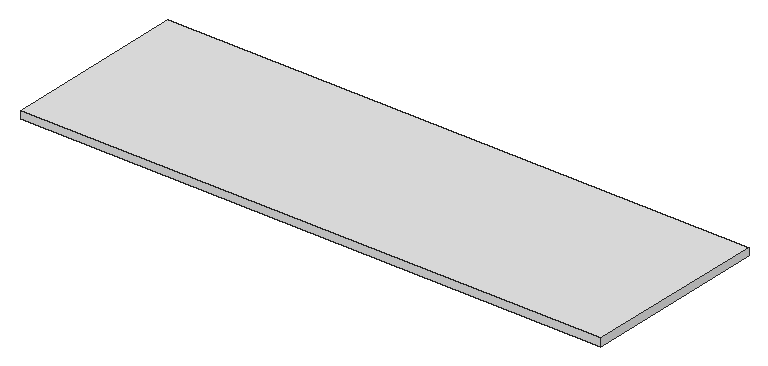
Revit family "11-TRIMBOARD-AND-STEALTH-TRIM-CADS-104-Trimboard-5-8x16-4-REVIT_Versatex-Generic-Model-5-8in-x-16in-TRIMBOARD", category Generic Models, host Face, Revit 2026
Family settings
  Host = Face
  Can host rebar = No
  Round Connector Dimension = Use Diameter
  Part Type = Normal
  Cut with Voids When Loaded = No
  Maintain Annotation Orientation = No
  Shared = No
  Room Calculation Point = No
Parameters
  Model = "TBSM/TR581618"
  Length = 4' - 0"
  Warranty = "https://versatex.com/warranty/"
  URL = "https://versatex.com/"
  Specification = "https://www.arcat.com/company/versatex-45716/spec?coid=45716"
  Sales Information = "https://versatex.com/dealer-locator/"
  Message Manufacturer = "https://versatex.com/contact/"
  Material = Versatex PVC - Smooth
  Manufacturer Website = "https://versatex.com/"
  Manufacturer Phone = "724-857-1111"
  Manufacturer Fax = "724-857-1171"
  Manufacturer Address = "400 Steel Street, Aliquippa, PA 15001"
  Manufacturer = "Versatex"
  Literature = "https://versatex.com/literature/?_sft_literature_category=cads"
  Description = "NOMINAL 5/8” x 16” TRIMBOARD"
  Default Elevation = 4' - 0"
  Copyright = "© 2024 VERSATEX Building Products, LLC"
Reference planes (in)
  plane 1 "Center (Front/Back)": y = 0
  plane 2: z = 0
  plane 3 "Center (Left/Right)": x = 0
  plane 4: x = 24
  plane 5: x = -24
Forms (in)
  Sweep 1, solid, material "Versatex PVC - Smooth" <- "Material"
    path origin (0, 0, 0) x (1, 0, 0) y (0, 1, 0)
      loop
        line (-24, 0) -> (24, 0)
    profile "Versatex_Profile_5-8” x 16” TRIMBOARD : Versatex_Profile_5-8” x 16” TRIMBOARD" origin (0, 0, 0) x (0, 1, 0) y (0, 0, 1)
      loop
        line (0, 0) -> (15.25, 0) -> (15.25, 0.625) -> (0, 0.625) -> (0, 0)
Dimensions and locks (in)
  "Length": plane 5 to plane 4
  equal spacing: plane 5, plane 3 "Center (Left/Right)", plane 4, locked at 24 each
  aligned and locked: plane 2 to host face
  aligned and locked: level to host face
Automatic sketch dimensions
  host sketch curve to host sketch curve = 8' - 0"  (x2)
  plane 1 "Center (Front/Back)" to Sweep 1 sketch curve = 0' - 0"
  Sweep 1 sketch curve to plane 5 = 0' - 0"
  Sweep 1 sketch curve to plane 4 = 0' - 0"
